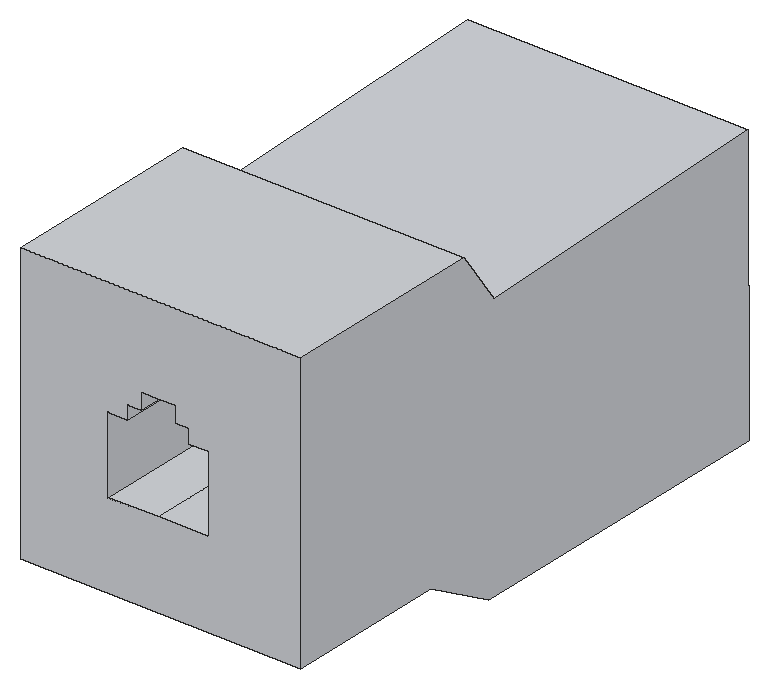
Revit family
Parameters
  Material ID = "760070326"
  Description = "MGS400-215\r\nMGS400-361 \r\nMGS400-361"
Reference planes (in)
  plane 1 "Center (Front/Back)": y = 0
  plane 2: z = 0
  plane 3 "Center (Left/Right)": x = 0
Forms (in)
  Extrusion 1, solid
    sketch origin (0, 0, 0) x (1, 0, 0) y (0, 0, 1)
      loop
        line (-0.33193, 0.385) -> (-0.33193, -0.385) -> (0.34352, -0.385) -> (0.34352, 0.385) -> (-0.33193, 0.385)
    from 0 to 1.344
  Extrusion 2, void
    sketch origin (0, 0, 0) x (1, 0, 0) y (0, 0, 1)
      loop
        line (0, 0.17601) -> (-0.04083, 0.17601) -> (-0.04083, 0.13795) -> (-0.07233, 0.13795) -> (-0.07233, 0.1048) -> (-0.1209, 0.1048) -> (-0.1209, -0.07934) -> (0, -0.07934) -> (0.1209, -0.07934) -> (0.1209, 0.1048) -> (0.07233, 0.1048) -> (0.07233, 0.13795) -> (0.04083, 0.13795) -> (0.04083, 0.17601) -> (0, 0.17601)
    from 0.88853 to 2.0504
  Extrusion 3, void
    sketch origin (0.34352, 0, 0.385) x (0, 0, 1) y (0, 1, 0)
      loop
        line (0, -0.85486) -> (0.35171, -0.88853) -> (0.35171, 0.14899) -> (-0.09507, 0.14899) -> (-0.12702, -0.76593) -> (0, -0.85486)
    from -0.58299 to 12
  Extrusion 4, void
    sketch origin (0.34352, 0, 0.385) x (0, 0, 1) y (0, 1, 0)
      loop
        line (-0.67014, -1.344) -> (-0.67014, -0.95355) -> (-0.77, -0.78058) -> (-0.77, -1.344) -> (-0.67014, -1.344)
    from 0 to 1.26323
Cuts and joins
  Extrusion 2, Extrusion 3, Extrusion 4 cuts Extrusion 1
